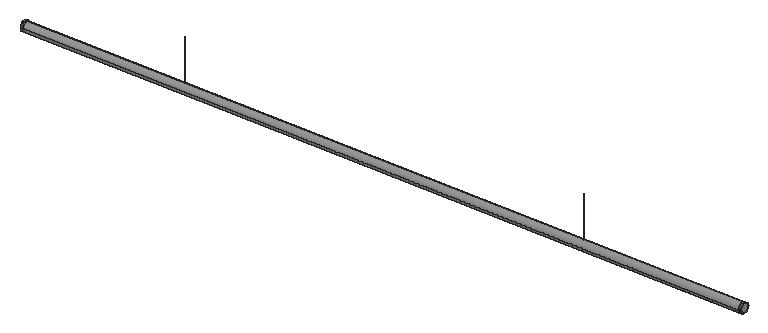
Revit family "INFINITE_3000MM", category Lighting Fixtures, host Ceiling, Revit 2021
Family settings
  Host = Ceiling
  Round Connector Dimension = Use Diameter
  Part Type = Normal
  OmniClass Number = 23.80.70.11
  OmniClass Title = Luminaries for Internal Lighting
  Always vertical = Yes
  Cut with Voids When Loaded = No
  Light Source = Yes
  Shared = No
  Room Calculation Point = No
Parameters
  Wattage = 16.1571 W
  built-in parameter 1150110 = 1 (stored number, unit not read)
  Type de lampe = "Ruban LED"
  Type = "Profilé tubulaire polycarbonate satiné"
  built-in parameter 1114217 = 1 (stored number, unit not read)
  built-in parameter 1150109 = 1 (stored number, unit not read)
  built-in parameter 1150134 = (empty or 0)
  built-in parameter 1150113 = 1 (stored number, unit not read)
  Matériau = "Polycarbonate satiné"
  Lumens = 2400 lm
  built-in parameter 1150115 = 1 (stored number, unit not read)
  built-in parameter 1150105 = 190.99 (stored number, unit not read)
  Light Source Symbol Size = 609.60 mm
  built-in parameter 1150137 = (empty or 0)
  built-in parameter 1150139 = (empty or 0)
  built-in parameter 1150112 = 1 (stored number, unit not read)
  built-in parameter 1150114 = 1 (stored number, unit not read)
  built-in parameter 1150132 = 2
  built-in parameter 1150102 = (empty or 0)
  built-in parameter 1150138 = (empty or 0)
  built-in parameter 1150107 = 3000 (stored number, unit not read)
  built-in parameter 1150106 = 1.9099 (stored number, unit not read)
  Fintion = "Opale"
  Emit from Line Length = 609.60 mm
  built-in parameter 1150104 = 13.8 (stored number, unit not read)
  Driver = "Driver externe"
  Dimming Lamp Color Temperature Shift = <None>
  Dimensions = "Ø38 mm, L : 3000 mm"
  Diffuseur = "Polycarbonate satiné"
  Default Elevation = 0.00 mm
  Color Filter = 16777215
  built-in parameter 1114218 = 1 (stored number, unit not read)
  built-in parameter 1150133 = 10 (stored number, unit not read)
Reference planes
  plane 1 "Light Source Axis (F/B)": y = 0
  plane 2 "Ceiling": z = 2438.4
  plane 3 "Light Source Axis (L/R)": x = 0
  plane 4 "Light Source Elevation": z = 2246.782
Forms (mm)
  Extrusion 1, solid, material "Glass, White, High Luminance"
    sketch origin (0, 0, 0) x (0, 1, 0) y (0, 0, 1)
      loop
        circle (0, 2246.782) r 19
      loop
        circle (0, 2246.782) r 18.088
    from -1500 to 1500
  Extrusion 2, solid, material "Glass, White, High Luminance"
    sketch origin (0, 0, 0) x (0, 1, 0) y (0, 0, 1)
      loop
        circle (0, 2246.782) r 19
    from 1490.579 to 1500
  Extrusion 3, solid, material "Glass, White, High Luminance"
    sketch origin (0, 0, 0) x (0, 1, 0) y (0, 0, -1)
      loop
        circle (0, -2246.782) r 19
    from 1490 to 1500
  Extrusion 4, solid
    sketch origin (0, 0, 2246.782) x (0, -1, 0) y (1, 0, 0)
      loop
        circle (0, 830.964) r 1.185
    from 21.017 to 191.618
  Extrusion 5, solid
    sketch origin (0, 0, 2246.782) x (0, 1, 0) y (-1, 0, 0)
      loop
        circle (0, 830.964) r 1.185
    from 21.017 to 191.618
Lines and regions (mm)
  reference lines
    curve 1: line (0, 0, 2246.782) -> (0, 19, 2246.782)
    curve 2: line (0, 0, 2246.782) -> (0, -19, 2246.782)
    curve 3: line (0, 0, 2246.782) -> (1500, 0, 2246.782)
    curve 4: line (0, 0, 2246.782) -> (-1500, 0, 2246.782)
Dimensions and locks
  equal spacing: host sketch curve, plane 3 "Light Source Axis (L/R)", host sketch curve
  equal spacing: host sketch curve, plane 1 "Light Source Axis (F/B)", host sketch curve
  host sketch curve to host sketch curve = 3048.00 mm  (x2)
  aligned and locked: plane 4 "Light Source Elevation" to imposter light
